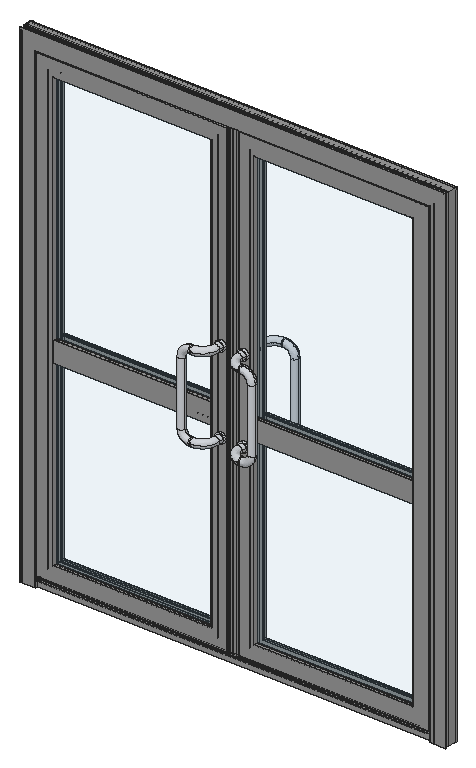
Revit family "Дверь наружного открывания двустворчатая (створка по периметру)", category Двери, Revit 2019
Family settings
  Основа = Стена
  Номер OmniClass = 23.30.20.17.11
  Заголовок OmniClass = Fixed Windows
  Всегда вертикально = Да
  При загрузке вырезать с полостями = Нет
  Общий = Нет
  Точка расчета площади = Нет
Parameters (values of type "V60 Дверь двустворчатая")
  Width [instance] = 0.00 mm  # constant formula
  Монтажный зазор.Верх [instance] = 25.00 mm
  VIDNAL_Ширина створки прав. [instance] = 847.50 mm
  VIDNAL_Ширина створки лев. [instance] = ADSK_Ширина рамы - VIDNAL_Ширина створки прав. - 105.00 mm  # 847.50 mm
  VIDNAL_Ширина проема [instance] = ADSK_Ширина рамы + Монтажный зазор.Правый + Монтажный зазор.Левый  # 1850.00 mm
  VIDNAL_Цвет конструкции = ""
  VIDNAL_Фурнитура [instance] = "САТУРН"
  VIDNAL_Формула стеклопакета [instance] = ""
  VIDNAL_Толщина стеклопакета [instance] = "32"
  VIDNAL_Сопротивление ветровой нагрузке = "1000 Па"
  VIDNAL_Система профилей [instance] = "V60"  # constant formula
  VIDNAL_Площадь изделия [instance] = ADSK_Ширина рамы * ADSK_Высота рамы  # 3.78 m²
  VIDNAL_Звукоизоляция [instance] = "34 дБА"
  VIDNAL_Глубина вставки [instance] = 150.00 mm
  VIDNAL_Высота ручки = 1000.00 mm
  VIDNAL_Высота проема [instance] = ADSK_Высота рамы + Монтажный зазор.Верх  # 2125.00 mm
  Глубина профиля [instance] = 60.00 mm  # constant formula
  Rough Width = 0.00 mm  # constant formula
  Rough Height = 0.00 mm  # constant formula
  Описание = "Окно"
  Обозначение = "ГОСТ 23747-2015"
  Наименование = ""
  Монтажный зазор.Правый [instance] = 25.00 mm
  Монтажный зазор.Левый [instance] = 25.00 mm
  Марка проема [instance] = ""
  Model = ""
  Стекло = АС_Стекло
  Рама = Алюминий
  Type Comments = ""
  Assembly Code = ""
  Wall Closure = (empty or 0)
  Height [instance] = 0.00 mm  # constant formula
  Аналитическая конструкция = "<Нет>"
  VIDNAL_Возухопроницаемость [instance] = "3,09 м²·ч"
  VIDNAL_Водонепроницаемость [instance] = "600"
  VIDNAL_Rприв. профиля со стеклопакетом [instance] = "0.52 (м²·С)/Вт"
  ADSK_Ширина рамы [instance] = 1800.00 mm
  ADSK_Позиция [instance] = ""
  ADSK_Завод-изготовитель [instance] = "VIDNAL"  # constant formula
  ADSK_Высота рамы [instance] = 2100.00 mm
Reference planes
  plane 1 "Глубина профиля": y = -100
  plane 2: z = 0
  plane 3 "Слева": x = -922.6
  plane 4 "Справа": x = 927.4
  plane 5 "низ створки": z = 20
  plane 6 "ВЕРХ": z = 2125
  plane 7 "Внутренняя": y = -190
  plane 8 "Вставка двери": y = -40
  plane 9 "рама лев": x = -897.6
  plane 10 "рама прав": x = 902.4
  plane 11 "рама верх": z = 2100
  plane 12: y = 190
  plane 13 "верх створки": z = 2050
  plane 14 "низ порога": z = 4.5
  plane 15 "створка лев": x = -847.6
  plane 16 "створка прав": x = 852.4
  plane 17 "ось штульпа": x = 2.4
  plane 18 "створка прав2": x = 4.9
  plane 19 "створка лев2": x = -0.1
Forms (mm)
  Extrusion 1, void, detail levels medium+fine
    sketch origin (0, 38, 0) x (0, 0, 1) y (-1, 0, 0)
      loop
        line (2125, -927.4) -> (2125, 922.6) -> (0, 922.6) -> (0, -927.4) -> (2125, -927.4)
    from -152 to 228
  Sweep 2, solid, material "Алюминий" <- "Рама"
    path origin (0, -40, 0) x (0, 0, -1) y (-1, 0, 0)
      loop
        line (0, 897.6) -> (-2100, 897.6) -> (-2100, -902.4) -> (0, -902.4)
    profile "Профиль дверной рамы наруж : Профиль дверной рамы наруж" origin (-897.6, -40, 1050) x (1, 0, 0) y (0, 1, 0)
      loop
        line (50.076, -29.7) -> (1.5, -29.7) -> (1.5, -38.4) -> (6.5, -38.4) -> (6.5, -50.15) -> (8.15, -50.15) -> (8.15, -51.75) -> (6.5, -51.75) -> (6.5, -58.5) -> (50.5, -58.5) -> (50.5, -51.75) -> (48.55, -51.75) -> (48.55, -50.15) -> (50.076, -50.15) -> (50.076, -29.7)
      loop
        line (50.076, -10) -> (2, -10) -> (2, -28) -> (50.076, -28) -> (50.076, -10)
      loop
        line (43.25, -1.5) -> (6.75, -1.5) -> (6.75, -8.3) -> (43.25, -8.3) -> (43.25, -1.5)
      loop
        line (52, -10) -> (54, -10) -> (55, -8.3) -> (45, -8.3) -> (45, 0) -> (0, 0) -> (0, -2.5) -> (1.5, -2.5) -> (1.5, -1.5) -> (5, -1.5) -> (5, -8.5) -> (1.5, -8.5) -> (1.5, -7.5) -> (0, -7.5) -> (0, -41.495) -> (2, -41.495) -> (2, -40) -> (5, -40) -> (5, -58.25) -> (2, -58.25) -> (2, -56.495) -> (0, -56.495) -> (0, -60) -> (67, -60) -> (67, -55.8) -> (65, -55.8) -> (65, -56.8) -> (66, -56.8) -> (66, -58.8) -> (61, -58.8) -> (61, -56.8) -> (62, -56.8) -> (62, -55.8) -> (60, -55.8) -> (60, -58.5) -> (52, -58.5) -> (52, -10)
  Sweep 3, solid, material "Алюминий"
    path origin (0, -40, 0) x (0, 0, -1) y (-1, 0, 0)
      loop
        line (-4.5, 845.6) -> (-4.5, -850.4)
    profile "Профиль порога : Профиль порога" origin (2.4, -40, 4.5) x (0, 0, -1) y (0, 1, 0)
      loop
        line (-19.126, -22.61) -> (-16.126, -24.79) -> (-16.126, -26.25) -> (-14.177, -26.25) -> (-13.323, -26.73) -> (-12.385, -28.27) -> (-11.531, -28.75) -> (-9.469, -28.75) -> (-8.615, -28.27) -> (-7.677, -26.73) -> (-6.823, -26.25) -> (-4.874, -26.25) -> (-4.874, -24.79) -> (-1.874, -22.61) -> (-1.874, -16.89) -> (-4.874, -14.71) -> (-4.874, -13.25) -> (-6.823, -13.25) -> (-7.677, -12.77) -> (-8.615, -11.23) -> (-9.469, -10.75) -> (-11.531, -10.75) -> (-12.385, -11.23) -> (-13.323, -12.77) -> (-14.177, -13.25) -> (-16.126, -13.25) -> (-16.126, -14.71) -> (-19.126, -16.89) -> (-19.126, -22.61)
      loop
        line (-19.25, -42.057) -> (-19.25, -52.75) -> (-1.75, -52.75) -> (-1.75, -42.057)
        arc (-1.75, -42.057) -> (-4.892, -42.649) -> (-7.464, -40.75) r 4
        line (-7.464, -40.75) -> (-5.862, -39.825)
        arc (-5.862, -39.825) -> (-1.85, -38.75) -> (-5.862, -37.675) r 2.15
        line (-5.862, -37.675) -> (-7.464, -36.75) -> (-7.464, -35.25) -> (-5.862, -34.325)
        arc (-5.862, -34.325) -> (-1.85, -33.25) -> (-5.862, -32.175) r 2.15
        line (-5.862, -32.175) -> (-7.537, -30.5) -> (-13.463, -30.5) -> (-15.138, -32.175)
        arc (-15.138, -32.175) -> (-19.15, -33.25) -> (-15.138, -34.325) r 2.15
        line (-15.138, -34.325) -> (-13.536, -35.25) -> (-13.536, -36.75) -> (-15.138, -37.675)
        arc (-15.138, -37.675) -> (-19.15, -38.75) -> (-15.138, -39.825) r 2.15
        line (-15.138, -39.825) -> (-13.536, -40.75)
        arc (-13.536, -40.75) -> (-16.108, -42.649) -> (-19.25, -42.057) r 4
      loop
        line (-21, -54.5) -> (0, -54.5) -> (0, -9) -> (-21, -9) -> (-21, -54.5)
  Sweep 4, solid, material "Алюминий"
    path origin (0, -40, -6.25) x (0, 0, -1) y (-1, 0, 0)
      loop
        line (-2039.25, -2.4) -> (-43.25, -2.4)
    profile "Профиль штульпа : Профиль штульпа" origin (2.4, -40, 1035) x (-1, 0, 0) y (0, 1, 0)
      loop
        line (-1.2, -29.7) -> (-16, -29.7) -> (-16, -48.25) -> (-12.5, -48.25) -> (-12.5, -53.5) -> (-16, -53.5) -> (-16, -58.5) -> (-1.2, -58.5) -> (-1.2, -29.7)
      loop
        line (-1.368, -27.042) -> (-1.368, -10.958) -> (-15.632, -10.958) -> (-15.632, -27.042) -> (-1.368, -27.042)
      loop
        line (-17.5, -60) -> (19.5, -60) -> (19.5, -55.8) -> (17.5, -55.8) -> (17.5, -56.8) -> (18.5, -56.8) -> (18.5, -58.8) -> (13.5, -58.8) -> (13.5, -56.8) -> (14.5, -56.8) -> (14.5, -55.8) -> (12.5, -55.8) -> (12.5, -58.5) -> (0.5, -58.5) -> (0.5, -10) -> (7.5, -10) -> (7.5, -8.25) -> (-2.5, -8.25) -> (-2.5, -4.25) -> (-6, -4.25) -> (-6, -2.25) -> (-7.5, -2.25) -> (-7.5, -5.75) -> (-4, -5.75) -> (-4, -8.3) -> (-17.5, -8.3) -> (-17.5, -49.75) -> (-14, -49.75) -> (-14, -52) -> (-17.5, -52) -> (-17.5, -60)
Lines and regions (mm)
  symbolic lines, detail levels fine
    curve 1: line (-163.1, -40, 20) -> (-163.1, -100, 20)
    curve 3: line (-163.1, -100, 60) -> (-163.1, -40, 60)
    curve 5: line (-163.1, -40, 2125) -> (-163.1, -100, 2125)
    curve 7: line (-163.1, -100, 2100) -> (-163.1, -40, 2100)
  symbolic lines
    curve 2: line (-163.1, -40, 60) -> (-163.1, -40, 20)
    curve 4: line (-163.1, -100, 20) -> (-163.1, -100, 60)
    curve 6: line (-163.1, -40, 2100) -> (-163.1, -40, 2125)
    curve 8: line (-163.1, -100, 2125) -> (-163.1, -100, 2100)
  symbolic lines, detail levels coarse
    curve 9: line (927.4, -40, 2125) -> (927.4, -40, 20)
    curve 10: line (927.4, -100, 2125) -> (927.4, -100, 20)
Text (mm)
  text "Наружный" at (-2011.448, 646.123, 0), in view "Линия этажа"
  text "Внутренний" at (-2011.448, -562.523, 0), in view "Линия этажа"
  text "Наружный" at (0, 1108.87, 3415.022), in view "Слева"
  text "Наружный" at (0, 464.664, 3176.206), in view "Справа"
Dimensions and locks
  plane 3 "Слева" to plane 4 "Справа" = 1850.00 mm
  "Монтажный зазор.Правый": plane 10 "рама прав" to plane 4 "Справа"
  plane 5 "низ створки" to plane 5 "низ створки" = 0.00 mm
  "ADSK_Ширина рамы": plane 9 "рама лев" to plane 10 "рама прав"
  "Монтажный зазор.Левый": plane 3 "Слева" to plane 9 "рама лев"
  "Монтажный зазор.Верх": plane 11 "рама верх" to plane 6 "ВЕРХ"
  "VIDNAL_Глубина вставки": plane 8 "Вставка двери" to plane 7 "Внутренняя"
  "Глубина профиля": plane 8 "Вставка двери" to plane 1 "Глубина профиля"
  plane 9 "рама лев" to plane 15 "створка лев" = 50.00 mm
  plane 16 "створка прав" to plane 10 "рама прав" = 50.00 mm
  plane 11 "рама верх" to plane 13 "верх створки" = 50.00 mm
  plane 14 "низ порога" to plane 2 = 4.50 mm
  locked: plane 8 "Вставка двери" to Sweep 3 at 9
  plane 5 "низ створки" to plane 2 = 20.00 mm
  "ADSK_Высота рамы": plane 11 "рама верх" to plane 2
  locked: plane 17 "ось штульпа" to plane 18 "створка прав2" at 2.5
  locked: plane 19 "створка лев2" to plane 17 "ось штульпа" at 2.5
  "VIDNAL_Ширина створки прав.": plane 18 "створка прав2" to plane 16 "створка прав"
  aligned and locked: plane 7 "Внутренняя" to host wall
  aligned and locked: plane 8 "Вставка двери" to curve 6
  aligned and locked: level to plane 2
  aligned and locked: host wall to Extrusion 1  (x2)
  aligned and locked: plane 4 "Справа" to Extrusion 1 sketch curve
  aligned and locked: plane 15 "створка лев" to nested 2
  aligned and locked: plane 16 "створка прав" to nested 1
  aligned and locked: plane 18 "створка прав2" to nested 1
  aligned and locked: nested 2 to plane 19 "створка лев2"
  aligned and locked: nested 2 to plane 13 "верх створки"
  aligned and locked: nested 1 to plane 13 "верх створки"
  aligned and locked: nested 2 to plane 5 "низ створки"
  aligned and locked: nested 1 to plane 5 "низ створки"
  aligned and locked: nested 2 to plane 8 "Вставка двери"
  aligned and locked: nested 1 to plane 8 "Вставка двери"
Automatic sketch dimensions
  Extrusion 1 sketch curve to level = 0.00 mm
  plane 3 "Слева" to Extrusion 1 sketch curve = 0.00 mm
  Extrusion 1 sketch curve to plane 6 "ВЕРХ" = 0.00 mm
  curve 6 to plane 8 "Вставка двери" = 0.00 mm
  plane 5 "низ створки" to curve 9 = 0.00 mm
  curve 9 to plane 8 "Вставка двери" = 0.00 mm
  curve 10 to plane 1 "Глубина профиля" = 0.00 mm
  plane 5 "низ створки" to curve 10 = 0.00 mm
  plane 6 "ВЕРХ" to curve 10 = 0.00 mm
  plane 6 "ВЕРХ" to curve 9 = 0.00 mm
  curve 3 to plane 5 "низ створки" = 40.00 mm
  plane 5 "низ створки" to curve 1 = 0.00 mm
  curve 1 to plane 1 "Глубина профиля" = 0.00 mm
  curve 8 to plane 1 "Глубина профиля" = 0.00 mm
  curve 2 to plane 8 "Вставка двери" = 0.00 mm
  curve 8 to plane 11 "рама верх" = 0.00 mm
  plane 6 "ВЕРХ" to curve 5 = 0.00 mm
  Sweep 2 sketch curve to plane 9 "рама лев" = 0.00 mm
  plane 10 "рама прав" to Sweep 2 sketch curve = 0.00 mm
  Sweep 2 sketch curve to plane 11 "рама верх" = 0.00 mm
  Sweep 2 sketch curve to level = 0.00 mm  (x2)
  Sweep 3 sketch curve to plane 14 "низ порога" = 0.00 mm
  plane 16 "створка прав" to Sweep 3 sketch curve = 2.00 mm
  plane 15 "створка лев" to Sweep 3 sketch curve = 2.00 mm
  Sweep 4 sketch curve to plane 17 "ось штульпа" = 0.00 mm
  plane 13 "верх створки" to Sweep 4 sketch curve = 17.00 mm
  Sweep 4 sketch curve to plane 5 "низ створки" = 17.00 mm
Nested families
  nested 1: "Створка дверная наруж" at (4.9, -40, 20), type "Поворотная право"
    with Створка.Ширина 847.50 mm, Створка.Высота 2030.00 mm, Высота импоста 900.00 mm, VIDNAL_Высота ручки 1000.00 mm
  nested 2: "Створка дверная наруж" at (-847.6, -40, 20), type "Поворотная лево"
    with Створка.Ширина 847.50 mm, Створка.Высота 2030.00 mm, Высота импоста 900.00 mm, VIDNAL_Высота ручки 1000.00 mm
Definition of nested family "Створка дверная наруж"
  Parameters (values of type "Поворотная лево")
    отк лев = yes
    от пр = no
    Стекло = none
    Створка.Ширина [instance] = 800.00 mm
    Створка.Высота [instance] = 1800.00 mm
    Створка VIDNAL = none
    Ручка.Справа = yes
    Ручка.Слева = no
    Открытие = yes
    Габариты заполнения = 73.00 mm
    Высота импоста [instance] = 900.00 mm
    Analytic Construction = "<Нет>"
    VIDNAL_Высота ручки [instance] = 1000.00 mm
  Types (2, lengths in mm): name | отк лев | от пр | Створка.Ширина | Створка.Высота | Ручка.Справа | Ручка.Слева | Габариты заполнения | Высота импоста | VIDNAL_Высота ручки
    Поворотная право | no | yes | 600.00 | 900.00 | no | yes | 54.00 | 450.00 | 900.00
    Поворотная лево | yes | no | 800.00 | 1800.00 | yes | no | 73.00 | 900.00 | 1000.00
  Reference planes
    plane 1 "Center (Front/Back)": y = 0
    plane 2 "Bottom": z = 0
    plane 3 "Left": x = 0
    plane 4 "Right": x = 800
    plane 5 "Top": z = 1800
    plane 6: z = 900
    plane 7: x = 73
    plane 8: x = 727
    plane 9: y = -8
    plane 10: y = -40
    plane 11: z = 1727
    plane 12: z = 73
    plane 13 "ручка прав": x = 754
    plane 14 "ручка лев": x = 46
    plane 15: z = 1000
    plane 16: x = 89
    plane 17: x = 711
  Forms (mm)
    Extrusion 1, solid, material <- "Стекло"
      sketch origin (0, 0, -100) x (1, 0, 0) y (0, 0, 1)
        loop
          line (73, 173) -> (727, 173) -> (727, 1827) -> (73, 1827) -> (73, 173)
      from 40 to 8
    Sweep 2, solid
      path origin (0, 0, 0) x (1, 0, 0) y (0, 0, 1)
        loop
          line (0, 1800) -> (0, 0) -> (800, 0) -> (800, 1800) -> (0, 1800)
      profile "Профиль дверной створки наруж : Профиль дверной створки наруж" origin (400, 0, 1800) x (0, 0, 1) y (0, -1, 0)
        loop
          line (-62, 43.002) -> (-62, 54.797) -> (-68.701, 54.797) -> (-68.701, 58.599) -> (-87.61, 58.599) -> (-87.61, 48.594) -> (-82, 48.594) -> (-71.911, 43.002) -> (-62, 43.002)
        loop
          line (-16.874, 29.7) -> (-16.874, 50.15) -> (-25.15, 50.15) -> (-25.15, 51.75) -> (-23.5, 51.75) -> (-23.5, 58.5) -> (-60.5, 58.5) -> (-60.5, 51.75) -> (-58.85, 51.75) -> (-58.85, 50.15) -> (-60.25, 50.15) -> (-60.25, 38.4) -> (-65.5, 38.4) -> (-65.5, 29.7) -> (-16.874, 29.7)
        loop
          line (-16.874, 10) -> (-16.874, 28) -> (-65.126, 28) -> (-65.126, 10) -> (-16.874, 10)
        loop
          line (-23.75, 1.5) -> (-23.75, 8.3) -> (-60.25, 8.3) -> (-60.25, 1.5) -> (-23.75, 1.5)
        loop
          line (-2, 4.2) -> (-2, 3.2) -> (-1, 3.2) -> (-1, 1.2) -> (-6, 1.2) -> (-6, 3.2) -> (-5, 3.2) -> (-5, 4.2) -> (-7, 4.2) -> (-7, 1.5) -> (-22, 1.5) -> (-22, 8.3) -> (-15, 8.3) -> (-15, 50) -> (-12, 50) -> (-12, 51.75) -> (-22, 51.75) -> (-22, 60) -> (-89, 60) -> (-89, 44.192) -> (-87, 44.192) -> (-87, 45.192) -> (-88, 45.192) -> (-88, 47.193) -> (-83, 47.193) -> (-83, 45.192) -> (-84, 45.192) -> (-84, 44.192) -> (-82, 44.192) -> (-82, 47.202) -> (-72.326, 41.591) -> (-67, 41.591) -> (-67, 8.3) -> (-62, 8.3) -> (-62, 1.5) -> (-82, 1.5) -> (-82, 3.2) -> (-80.5, 3.2) -> (-80.5, 4.2) -> (-84, 4.2) -> (-84, 3.2) -> (-83, 3.2) -> (-83, 1.2) -> (-88, 1.2) -> (-88, 3.2) -> (-87, 3.2) -> (-87, 4.2) -> (-89, 4.2) -> (-89, 0) -> (0, 0) -> (0, 4.2) -> (-2, 4.2)
    Sweep 3, solid
      path origin (0, 0, 0) x (1, 0, 0) y (0, 0, 1)
        loop
          line (90, 900) -> (710, 900)
      profile "Профиль дверного импоста : Профиль дверного импоста" origin (400, 0, 900) x (0, 0, 1) y (0, -1, 0)
        loop
          line (15.25, 8) -> (-15.25, 8) -> (-15.25, 1.5) -> (15.25, 1.5) -> (15.25, 8)
        loop
          line (20.076, 28) -> (-20.076, 28) -> (-20.076, 10) -> (20.076, 10) -> (20.076, 28)
        loop
          line (15.4, 38.4) -> (15.4, 58.1) -> (-15.4, 58.1) -> (-15.4, 38.4) -> (-20.5, 38.4) -> (-20.5, 29.7) -> (20.5, 29.7) -> (20.5, 38.4) -> (15.4, 38.4)
        loop
          line (-23.69, 58.599) -> (-42.599, 58.599) -> (-42.599, 48.594) -> (-36.996, 48.594) -> (-26.991, 42.791) -> (-16.989, 42.791) -> (-16.989, 54.797) -> (-23.69, 54.797) -> (-23.69, 58.599)
        loop
          line (42.599, 58.599) -> (23.69, 58.599) -> (23.69, 54.797) -> (16.989, 54.797) -> (16.989, 42.791) -> (26.991, 42.791) -> (36.996, 48.594) -> (42.599, 48.594) -> (42.599, 58.599)
        loop
          line (44, 0) -> (44, 4.2) -> (42, 4.2) -> (42, 3.2) -> (43, 3.2) -> (43, 1.2) -> (38, 1.2) -> (38, 3.2) -> (39, 3.2) -> (39, 4.2) -> (35.5, 4.2) -> (35.5, 3.2) -> (37, 3.2) -> (37, 1.5) -> (17, 1.5) -> (17, 8.3) -> (22, 8.3) -> (22, 41.591) -> (27.314, 41.591) -> (36.996, 47.206) -> (36.996, 44.192) -> (38.997, 44.192) -> (38.997, 45.192) -> (37.997, 45.192) -> (37.997, 47.193) -> (42.999, 47.193) -> (42.999, 45.192) -> (41.999, 45.192) -> (41.999, 44.192) -> (44, 44.192) -> (44, 60) -> (-44, 60) -> (-44, 44.192) -> (-41.999, 44.192) -> (-41.999, 45.192) -> (-42.999, 45.192) -> (-42.999, 47.193) -> (-37.997, 47.193) -> (-37.997, 45.192) -> (-38.997, 45.192) -> (-38.997, 44.192) -> (-36.996, 44.192) -> (-36.996, 47.206) -> (-27.314, 41.591) -> (-22, 41.591) -> (-22, 8.3) -> (-17, 8.3) -> (-17, 1.5) -> (-37, 1.5) -> (-37, 3.2) -> (-35.5, 3.2) -> (-35.5, 4.2) -> (-39, 4.2) -> (-39, 3.2) -> (-38, 3.2) -> (-38, 1.2) -> (-43, 1.2) -> (-43, 3.2) -> (-42, 3.2) -> (-42, 4.2) -> (-44, 4.2) -> (-44, 0) -> (44, 0)
  Lines and regions (mm)
    symbolic lines, not visible
      curve 1: line (400, 0, 950) -> (400, 0, 850)
      curve 2: line (350, 0, 900) -> (450, 0, 900)
    symbolic lines, visible <- "от пр"
      curve 3: line (710, -75, 1710) -> (90, -75, 900)
      curve 4: line (90, -75, 900) -> (710, -75, 90)
    symbolic lines, visible <- "отк лев"
      curve 5: line (90, -75, 90) -> (710, -75, 900)
      curve 6: line (710, -75, 900) -> (90, -75, 1710)
  Dimensions and locks
    "Створка.Ширина": plane 4 "Right" to plane 3 "Left"
    "Створка.Высота": plane 5 "Top" to plane 2 "Bottom"
    equal spacing: plane 3 "Left", curve 1, plane 4 "Right"
    equal spacing: plane 5 "Top", curve 2, plane 2 "Bottom"
    plane 4 "Right" to plane 3 "Left" = 800.00 mm
    locked: plane 9 to plane 1 "Center (Front/Back)" at 8
    "Габариты заполнения": plane 3 "Left" to plane 7
    "Габариты заполнения": plane 8 to plane 4 "Right"
    "Габариты заполнения": plane 12 to plane 2 "Bottom"
    "Габариты заполнения": plane 5 "Top" to plane 11
    plane 14 "ручка лев" to plane 3 "Left" = 46.00 mm
    plane 13 "ручка прав" to plane 4 "Right" = 46.00 mm
    "Высота импоста": plane 6 to plane 2 "Bottom"
    locked: plane 3 "Left" to plane 14 "ручка лев" at 46
    "VIDNAL_Высота ручки": plane 15 to plane 2 "Bottom"
    plane 3 "Left" to plane 16 = 89.00 mm
    plane 17 to plane 4 "Right" = 89.00 mm
    locked: plane 13 "ручка прав" to plane 4 "Right" at 46
    aligned and locked: level to plane 2 "Bottom"
    aligned and locked: plane 6 to curve 4
    aligned and locked: plane 6 to curve 6
    aligned and locked: Extrusion 1 to plane 7
    aligned and locked: Extrusion 1 to plane 9
    aligned and locked: Extrusion 1 to plane 10
    aligned and locked: plane 8 to Extrusion 1
    aligned and locked: Extrusion 1 to plane 12
    aligned and locked: plane 11 to Extrusion 1
    aligned and locked: nested 1 to plane 14 "ручка лев"
    aligned and locked: nested 1 to plane 15
    aligned and locked: plane 15 to nested 2
    aligned and locked: Sweep 2 to plane 1 "Center (Front/Back)"
    aligned and locked: plane 13 "ручка прав" to nested 2
    aligned and locked: plane 14 "ручка лев" to nested 3
    aligned and locked: nested 4 to plane 13 "ручка прав"
    aligned and locked: plane 15 to nested 3
    aligned and locked: nested 4 to plane 15
  Automatic sketch dimensions
    plane 7 to Extrusion 1 sketch curve = 0.00 mm
    Extrusion 1 sketch curve to plane 8 = 0.00 mm
    Extrusion 1 sketch curve to plane 12 = 0.00 mm
    Extrusion 1 sketch curve to plane 11 = 0.00 mm
    plane 7 to curve 6 = 17.00 mm
    plane 7 to curve 5 = 17.00 mm
    plane 7 to curve 4 = 17.00 mm
    curve 5 to plane 8 = 17.00 mm
    curve 3 to plane 8 = 17.00 mm
    plane 12 to curve 5 = 17.00 mm
    plane 12 to curve 4 = 17.00 mm
    curve 3 to plane 11 = 17.00 mm
    curve 4 to plane 8 = 17.00 mm
    curve 6 to plane 11 = 17.00 mm
    Sweep 2 sketch curve to level = 0.00 mm
    Sweep 2 sketch curve to plane 3 "Left" = 0.00 mm
    plane 4 "Right" to Sweep 2 sketch curve = 0.00 mm
    Sweep 2 sketch curve to plane 5 "Top" = 0.00 mm
    curve 1 to plane 6 = 50.00 mm
    plane 6 to curve 1 = 50.00 mm
    curve 2 to plane 6 = 0.00 mm
    curve 2 to curve 1 = 50.00 mm
    curve 1 to curve 2 = 50.00 mm
    Sweep 3 sketch curve to plane 6 = 0.00 mm
    plane 16 to Sweep 3 sketch curve = 1.00 mm
    Sweep 3 sketch curve to plane 17 = 1.00 mm
  Nested families
    nested 1: "Ручка дверная прямоугольная" at (46, -70, 889.834), visible <- "Ручка.Слева", type "Ручка дверная прямоугольная"
      with Ручка высота установки 110.166 mm
    nested 2: "Ручка дверная прямоугольная" at (754, -70, 889.834) x (-1, 0, 0) z (0, 0, 1), visible <- "Ручка.Справа", type "Ручка дверная прямоугольная"
      with Ручка высота установки 110.166 mm
    nested 3: "Ручка дверная прямоугольная" at (46, 10, 889.834), visible <- "Ручка.Слева", type "Ручка дверная прямоугольная"
      with Ручка высота установки 110.166 mm
    nested 4: "Ручка дверная прямоугольная" at (754, 10, 889.834) x (-1, 0, 0) z (0, 0, 1), visible <- "Ручка.Справа", type "Ручка дверная прямоугольная"
      with Ручка высота установки 110.166 mm
  Definition of nested family "Ручка дверная прямоугольная"
    Parameters (values of type "Ручка дверная прямоугольная")
      Ручка высота установки [instance] = 110.166 mm
    Reference planes
      plane 1 "По центру (Вперед/Назад)": y = 0
      plane 2: z = 0
      plane 3 "По центру (Влево/Вправо)": x = 0
      plane 4: y = -10
      plane 5 "1": x = 55
      plane 6 "2": y = 74
      plane 7 "Высота ручки": z = 110.166
    Forms (mm)
      Extrusion 1, solid
        sketch origin (0, 0, 0) x (1, 0, 0) y (0, 0, 1)
          loop
            circle (0, 285.166) r 20
        from 0 to 10
      Extrusion 2, solid
        sketch origin (0, 0, 0) x (1, 0, 0) y (0, 0, 1)
          loop
            circle (0, -64.834) r 20
        from 0 to 10
      Sweep 3, solid
        path origin (0, 0, 0) x (1, 0, 0) y (0, 1, 0)
          loop
            line (0, 0) -> (0, 20)
            arc (0, 20) -> (15.816, 58.184) -> (54, 74) r 54
            line (54, 74) -> (55, 74)
        profile origin (0, 10, 0) x (-1, 0, 0) y (0, 0, 1)
          loop
            circle (0, 285.166) r 15
          loop
            circle (0, -64.834) r 15
      Sweep 4, solid
        path origin (0, 74, 0) x (-1, 0, 0) y (0, 0, 1)
          loop
            line (-55, 285.166) -> (-60, 285.166)
            arc (-60, 285.166) -> (-88.284, 273.45) -> (-100, 245.166) r 40
            line (-100, 245.166) -> (-100, -24.834)
            arc (-100, -24.834) -> (-88.284, -53.118) -> (-60, -64.834) r 40
            line (-60, -64.834) -> (-55, -64.834)
        profile origin (57.5, 74, 285.166) x (0, 0, -1) y (0, 1, 0)
          loop
            circle (0, 0) r 15
    Dimensions and locks
      plane 1 "По центру (Вперед/Назад)" to plane 4 = 10.00 mm
      locked: plane 4 to plane 6 "2" at 84
      locked: plane 3 "По центру (Влево/Вправо)" to plane 5 "1" at 55
      locked: Extrusion 1 sketch curve to plane 7 "Высота ручки" at 175
      locked: plane 7 "Высота ручки" to Extrusion 2 sketch curve at 175
      locked: Sweep 3 sketch curve to plane 7 "Высота ручки" at 175
      locked: plane 7 "Высота ручки" to Sweep 3 sketch curve at 175
      "Ручка высота установки": plane 7 "Высота ручки" to level
      locked: Sweep 4 sketch curve to Sweep 4 sketch curve at 350
      locked: Sweep 4 sketch curve to Sweep 4 sketch curve at 45  (x2)
      Sweep 4 sketch curve to plane 7 "Высота ручки" = 175.00 mm
      locked: Sweep 4 sketch curve to plane 3 "По центру (Влево/Вправо)" at 100
      aligned and locked: level to plane 2
      aligned and locked: plane 4 to Extrusion 1
      aligned and locked: plane 4 to Extrusion 2
    Automatic sketch dimensions
      Extrusion 1 sketch curve to plane 3 "По центру (Влево/Вправо)" = 0.00 mm
      Extrusion 2 sketch curve to plane 3 "По центру (Влево/Вправо)" = 0.00 mm
      Sweep 3 sketch curve to plane 3 "По центру (Влево/Вправо)" = 0.00 mm
      Sweep 3 sketch curve to plane 6 "2" = 0.00 mm
      Sweep 3 sketch curve to plane 5 "1" = 0.00 mm
      plane 1 "По центру (Вперед/Назад)" to Sweep 3 sketch curve = 0.00 mm
      Sweep 3 sketch curve to plane 5 "1" = 1.00 mm
      Sweep 3 sketch curve to profile plane = 0.00 mm  (x2)
      Sweep 4 sketch curve to plane 6 "2" = 0.00 mm
      Sweep 4 sketch curve to profile plane = 0.00 mm
      plane 5 "1" to Sweep 4 sketch curve = 5.00 mm  (x2)
      radius of Extrusion 1 sketch curve = 20.00 mm
      radius of Extrusion 2 sketch curve = 20.00 mm
      radius of Sweep 3 sketch curve = 15.00 mm  (x2)
      radius of Sweep 4 sketch curve = 15.00 mm
